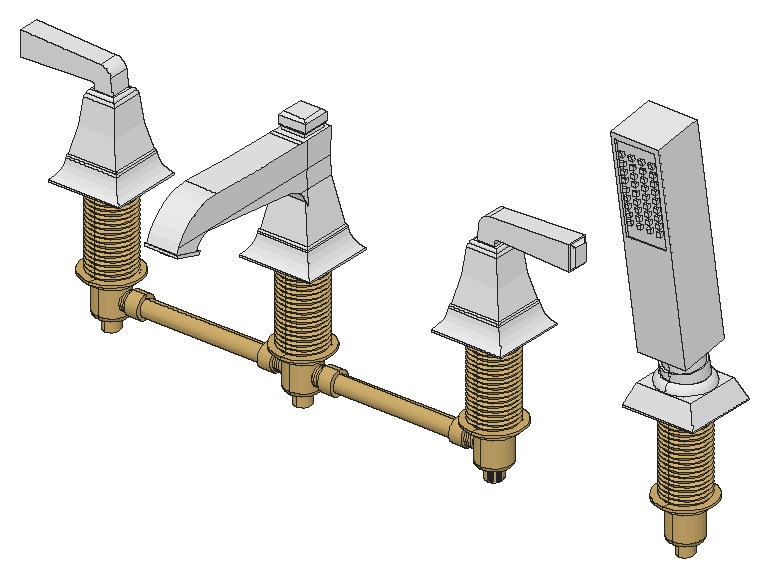
Revit family "Roman_Tub_Filler-American_Standard-Town_Square-T45590X", category Plumbing Fixtures, Revit 2014 (continued)
Automatic sketch dimensions
  plane 3 "Center (Left/Right)" to Masking region 1 sketch curve = 0.52166"
  Masking region 1 sketch curve to Masking region 1 sketch curve = 0.0408"
  Masking region 1 sketch curve to plane 3 "Center (Left/Right)" = 0.48086"
  Masking region 1 sketch curve to plane 3 "Center (Left/Right)" = 0.51451"
  Masking region 1 sketch curve to plane 7 = 0.4616"  (x2)
  plane 7 to Masking region 1 sketch curve = 0.40469"
  plane 17 to Sweep 6 sketch curve = 0"
  profile plane to Sweep 6 sketch curve = 0.50653"
  Sweep 6 sketch curve to Sweep 6 sketch curve = 0.01739"
  Sweep 6 sketch curve to Sweep 6 sketch curve = 0.04423"
  profile plane to Sweep 6 sketch curve = 0.09289"
  Sweep 6 sketch curve to profile plane = 0.07199"
  Sweep 6 sketch curve to profile plane = 9/32"
  profile plane to Sweep 6 sketch curve = 0.18095"
  Sweep 6 sketch curve to Sweep 6 sketch curve = 0.81122"
  Sweep 6 sketch curve to Sweep 6 sketch curve = 6.12461"
  profile plane to Sweep 6 sketch curve = 0.15845"
  profile plane to Sweep 6 sketch curve = 0.15647"
  Sweep 6 sketch curve to profile plane = 0.49889"
  Sweep 6 sketch curve to profile plane = 0.54693"
  Sweep 6 sketch curve to Sweep 6 sketch curve = 1.6263"
  Sweep 6 sketch curve to Sweep 6 sketch curve = 0.11495"
  Sweep 6 sketch curve to Sweep 6 sketch curve = 0.081"
  profile plane to Sweep 6 sketch curve = 2 47/256"
  Sweep 6 sketch curve to Sweep 6 sketch curve = 0"  (x2)
  Sweep 6 sketch curve to Sweep 6 sketch curve = 5/256"
  Sweep 7 sketch curve to plane 23 = 0"
  profile plane to Sweep 7 sketch curve = 0.50653"
  Sweep 7 sketch curve to Sweep 7 sketch curve = 0.01739"
  Sweep 7 sketch curve to Sweep 7 sketch curve = 0.04423"
  profile plane to Sweep 7 sketch curve = 0.09289"
  Sweep 7 sketch curve to profile plane = 0.07199"
  Sweep 7 sketch curve to profile plane = 9/32"
  profile plane to Sweep 7 sketch curve = 0.18095"
  Sweep 7 sketch curve to Sweep 7 sketch curve = 0.81122"
  Sweep 7 sketch curve to Sweep 7 sketch curve = 6.12461"
  profile plane to Sweep 7 sketch curve = 0.15845"
  profile plane to Sweep 7 sketch curve = 0.15647"
  Sweep 7 sketch curve to profile plane = 0.49889"
  Sweep 7 sketch curve to profile plane = 0.54693"
  Sweep 7 sketch curve to Sweep 7 sketch curve = 1.6263"
  Sweep 7 sketch curve to Sweep 7 sketch curve = 0.11495"
  Sweep 7 sketch curve to Sweep 7 sketch curve = 0.081"
  profile plane to Sweep 7 sketch curve = 2 47/256"
  Sweep 7 sketch curve to Sweep 7 sketch curve = 0"  (x2)
  Sweep 7 sketch curve to Sweep 7 sketch curve = 5/256"
  plane 25 to Extrusion 8 sketch curve = 0"
  plane 18 to Extrusion 8 sketch curve = 0.40123"
  Extrusion 8 sketch curve to Extrusion 8 sketch curve = 0.00668"  (x2)
  Extrusion 8 sketch curve to Extrusion 8 sketch curve = 0.12278"
  Extrusion 8 sketch curve to Extrusion 8 sketch curve = 0.00462"
  plane 18 to Extrusion 8 sketch curve = 0.11127"
  plane 18 to Extrusion 8 sketch curve = 0.09701"
  Extrusion 8 sketch curve to plane 18 = 0.22927"
  plane 9 to Extrusion 8 sketch curve = 0.24323"
  Extrusion 8 sketch curve to Extrusion 8 sketch curve = 0.08825"
  plane 9 to Extrusion 8 sketch curve = 0.34445"
  Extrusion 8 sketch curve to Extrusion 8 sketch curve = 0.20331"
  Extrusion 8 to Sweep 9 sketch curve = 0"  (x2)
  Extrusion 8 to Sweep 9 sketch curve = 0.00301"
  Extrusion 8 to Sweep 9 sketch curve = 0.00256"
  profile plane to Sweep 9 sketch curve = 0.05025"
  profile plane to Sweep 9 sketch curve = 0.11872"
  Extrusion 10 sketch curve to plane 11 = 0"
  Extrusion 10 sketch curve to plane 10 = 0"
  plane 11 to Extrusion 10 sketch curve = 0.35416"
  Extrusion 10 sketch curve to plane 6 = 0.07969"
  plane 8 to Extrusion 10 sketch curve = 0.04892"
  plane 3 "Center (Left/Right)" to Extrusion 10 sketch curve = 0.48381"
  Extrusion 10 sketch curve to plane 10 = 0.35416"
  plane 8 to Extrusion 10 sketch curve = 0.22823"
  Extrusion 10 sketch curve to plane 9 = 0.11538"  (x2)
  Masking region 2 sketch curve to Masking region 2 sketch curve = 0"
  Masking region 3 sketch curve to plane 24 = 0"
  plane 24 to Masking region 3 sketch curve = 0.00188"  (x2)
  Masking region 3 sketch curve to plane 24 = 0.09343"  (x2)
  Masking region 3 sketch curve to plane 19 = 1 3/32"
  Masking region 3 sketch curve to plane 1 "Center (Front/Back)" = 0.30687"
  Masking region 3 sketch curve to Masking region 3 sketch curve = 1/256"
  plane 1 "Center (Front/Back)" to Masking region 3 sketch curve = 0.21194"
  plane 1 "Center (Front/Back)" to Masking region 3 sketch curve = 0.3034"
  Extrusion 11 sketch curve to plane 18 = 0.30597"
  plane 18 to Extrusion 11 sketch curve = 0.30596"
  Extrusion 11 sketch curve to plane 1 "Center (Front/Back)" = 0.30596"
  plane 1 "Center (Front/Back)" to Extrusion 11 sketch curve = 0.30597"
  Extrusion 14 sketch curve to plane 13 = 0.17922"
  Extrusion 14 sketch curve to plane 9 = 0.69835"
  Extrusion 14 sketch curve to plane 9 = 0.45158"
  plane 13 to Extrusion 14 sketch curve = 0.89854"
  plane 8 to Extrusion 14 sketch curve = 4.19725"
  plane 1 "Center (Front/Back)" to Extrusion 14 sketch curve = 0.51086"
  Revolve 15 sketch curve to plane 1 "Center (Front/Back)" = 0"  (x2)
  plane 4 to Revolve 15 sketch curve = 153/256"
  Revolve 15 sketch curve to Revolve 15 sketch curve = 0.05679"
  Revolve 15 sketch curve to Revolve 15 sketch curve = 0.2453"
  plane 1 "Center (Front/Back)" to Revolve 15 sketch curve = 0.45373"
  Revolve 15 sketch curve to Revolve 15 sketch curve = 0.19976"
  Revolve 15 sketch curve to Revolve 15 sketch curve = 1/4"  (x2)
  plane 4 to Revolve 16 sketch curve = 0.70529"
  Revolve 16 sketch curve to plane 13 = 0.4327"
  Revolve 16 sketch curve to Revolve 16 sketch curve = 0.43506"
  Revolve 16 sketch curve to plane 13 = 0.49527"
  Revolve 16 sketch curve to Revolve 16 sketch curve = 0.01015"
  plane 1 "Center (Front/Back)" to Revolve 16 sketch curve = 0.13312"
  Revolve 16 sketch curve to plane 9 = 0.59261"
  Revolve 16 sketch curve to plane 1 "Center (Front/Back)" = 0.02636"
  Revolve 16 sketch curve to Revolve 16 sketch curve = 0.07194"
  plane 1 "Center (Front/Back)" to Revolve 16 sketch curve = 0.14318"
  Revolve 16 sketch curve to Revolve 16 sketch curve = 0.06521"
  plane 1 "Center (Front/Back)" to Revolve 16 sketch curve = 0.16984"
  Revolve 16 sketch curve to Revolve 16 sketch curve = 0.16119"
  Sweep 17 sketch curve to plane 32 = 0"
  profile plane to Sweep 17 sketch curve = 0.10751"
  profile plane to Sweep 17 sketch curve = 0.50653"
  Sweep 17 sketch curve to profile plane = 0.03625"
  Sweep 17 sketch curve to profile plane = 9/32"
  Sweep 17 sketch curve to profile plane = 0.49889"
  Sweep 17 sketch curve to Sweep 17 sketch curve = 0.04804"
  Extrusion 18 sketch curve to Extrusion 14 = 0.15268"
  Extrusion 18 sketch curve to Extrusion 14 = 0.14725"
  Extrusion 18 sketch curve to Extrusion 18 sketch curve = 3"
  Extrusion 18 sketch curve to Extrusion 14 = 0.10275"
  Extrusion 14 to Extrusion 19 sketch curve = 0.5096"
  Extrusion 14 to Extrusion 19 sketch curve = 2.73106"
  Extrusion 14 to Extrusion 19 sketch curve = 0.2416"  (x6)
  Extrusion 19 sketch curve to Extrusion 19 sketch curve = 0"  (x16)
  Extrusion 19 sketch curve to Extrusion 19 sketch curve = 1/8"  (x52)
  Extrusion 19 sketch curve to Extrusion 19 sketch curve = 0.14088"  (x8)
  Extrusion 19 sketch curve to Extrusion 19 sketch curve = 0.15599"  (x4)
  Extrusion 19 sketch curve to Extrusion 19 sketch curve = 0.15651"  (x4)
  Extrusion 19 sketch curve to Extrusion 19 sketch curve = 0.1238"  (x36)
  Extrusion 19 sketch curve to Extrusion 19 sketch curve = 0.1887"  (x16)
  plane 13 to Masking region 4 sketch curve = 0"
  Revolve 20 sketch curve to plane 1 "Center (Front/Back)" = 0"
  Revolve 20 sketch curve to plane 4 = 0"
  plane 1 "Center (Front/Back)" to Revolve 20 sketch curve = 1/4"
  Revolve 20 sketch curve to Revolve 20 sketch curve = 0.09507"
  Revolve 20 sketch curve to Revolve 20 sketch curve = 0.05562"
  plane 1 "Center (Front/Back)" to Revolve 20 sketch curve = 0.45316"
  Revolve 20 sketch curve to Revolve 20 sketch curve = 0.05484"  (x2)
  Revolve 20 sketch curve to plane 13 = 0.47125"  (x4)
  Revolve 20 sketch curve to level = 0.03375"
  Revolve 20 sketch curve to Revolve 20 sketch curve = 0"  (x15)
  Revolve 20 sketch curve to Revolve 20 sketch curve = 0.00281"
  Revolve 20 sketch curve to Revolve 20 sketch curve = 0.065"  (x16)
  Revolve 20 sketch curve to level = 0.22875"
  Revolve 20 sketch curve to level = 0.35875"
  Revolve 20 sketch curve to Revolve 20 sketch curve = 0.06219"
  Revolve 20 sketch curve to level = 0.61875"
  Revolve 20 sketch curve to Revolve 20 sketch curve = 13/64"
  Revolve 20 sketch curve to Revolve 20 sketch curve = 0.15975"
  Revolve 20 sketch curve to Revolve 20 sketch curve = 0.06435"
  Revolve 20 sketch curve to Revolve 20 sketch curve = 0.14694"
  Revolve 20 sketch curve to Revolve 20 sketch curve = 0.86909"
  Revolve 20 sketch curve to Revolve 20 sketch curve = 0.31646"
  Revolve 20 sketch curve to Revolve 20 sketch curve = 0.1675"
  Revolve 20 sketch curve to Revolve 20 sketch curve = 0.26"
  Revolve 21 sketch curve to plane 1 "Center (Front/Back)" = 0"  (x2)
  Revolve 21 sketch curve to plane 4 = 0"
  Revolve 21 sketch curve to level = 0.03375"
  Revolve 21 sketch curve to Revolve 21 sketch curve = 0.065"  (x8)
  Revolve 21 sketch curve to plane 13 = 13/32"  (x16)
  Revolve 21 sketch curve to plane 13 = 0.47125"  (x15)
  Revolve 21 sketch curve to Revolve 21 sketch curve = 0.06219"
  Revolve 21 sketch curve to Revolve 21 sketch curve = 0.06435"
  Revolve 21 sketch curve to Revolve 21 sketch curve = 0.14694"
  Revolve 21 sketch curve to Revolve 21 sketch curve = 0.05484"  (x2)
  Revolve 21 sketch curve to Revolve 21 sketch curve = 0.86909"
  Revolve 21 sketch curve to Revolve 21 sketch curve = 0.10732"
  Revolve 21 sketch curve to Revolve 21 sketch curve = 0.09507"
  Revolve 21 sketch curve to Revolve 21 sketch curve = 0.31646"
  plane 1 "Center (Front/Back)" to Revolve 21 sketch curve = 1/4"
  Revolve 21 sketch curve to Revolve 21 sketch curve = 0.05562"
  Revolve 21 sketch curve to Revolve 21 sketch curve = 13/64"
  Revolve 21 sketch curve to Revolve 21 sketch curve = 0.15975"
  Revolve 21 sketch curve to Revolve 21 sketch curve = 0.1675"
  Revolve 21 sketch curve to Revolve 21 sketch curve = 0.26"
  Revolve 22 sketch curve to plane 1 "Center (Front/Back)" = 0"  (x2)
  Revolve 22 sketch curve to plane 4 = 0"
  plane 1 "Center (Front/Back)" to Revolve 22 sketch curve = 1/4"
  Revolve 22 sketch curve to Revolve 22 sketch curve = 0.09507"
  Revolve 22 sketch curve to Revolve 22 sketch curve = 0.05562"
  plane 1 "Center (Front/Back)" to Revolve 22 sketch curve = 0.45316"
  Revolve 22 sketch curve to Revolve 22 sketch curve = 0.05484"  (x2)
  Revolve 22 sketch curve to plane 13 = 0.47125"  (x4)
  Revolve 22 sketch curve to level = 0.03375"
  Revolve 22 sketch curve to Revolve 22 sketch curve = 0"  (x15)
  Revolve 22 sketch curve to Revolve 22 sketch curve = 0.00281"
  Revolve 22 sketch curve to Revolve 22 sketch curve = 0.065"  (x16)
  Revolve 22 sketch curve to level = 0.22875"
  Revolve 22 sketch curve to level = 0.35875"
  Revolve 22 sketch curve to Revolve 22 sketch curve = 0.06219"
  Revolve 22 sketch curve to level = 0.61875"
  Revolve 22 sketch curve to Revolve 22 sketch curve = 13/64"
  Revolve 22 sketch curve to Revolve 22 sketch curve = 0.15975"
  Revolve 22 sketch curve to Revolve 22 sketch curve = 0.06435"
  Revolve 22 sketch curve to Revolve 22 sketch curve = 0.14694"
  Revolve 22 sketch curve to Revolve 22 sketch curve = 0.86909"
  Revolve 22 sketch curve to Revolve 22 sketch curve = 0.31646"
  plane 4 to Revolve 22 sketch curve = 0.1675"
  Revolve 22 sketch curve to Revolve 22 sketch curve = 0.26"
  Revolve 23 sketch curve to plane 1 "Center (Front/Back)" = 0"  (x2)
  Revolve 23 sketch curve to plane 4 = 0"
  plane 1 "Center (Front/Back)" to Revolve 23 sketch curve = 1/4"
  Revolve 23 sketch curve to Revolve 23 sketch curve = 0.09507"
  Revolve 23 sketch curve to Revolve 23 sketch curve = 0.05562"
  plane 1 "Center (Front/Back)" to Revolve 23 sketch curve = 0.45316"
  Revolve 23 sketch curve to Revolve 23 sketch curve = 0.05484"  (x2)
  Revolve 23 sketch curve to plane 13 = 0.47125"  (x4)
  Revolve 23 sketch curve to level = 0.03375"
  Revolve 23 sketch curve to Revolve 23 sketch curve = 0"  (x15)
  Revolve 23 sketch curve to Revolve 23 sketch curve = 0.00281"
  Revolve 23 sketch curve to Revolve 23 sketch curve = 0.065"  (x16)
  Revolve 23 sketch curve to level = 0.22875"
  Revolve 23 sketch curve to level = 0.35875"
  Revolve 23 sketch curve to Revolve 23 sketch curve = 0.06219"
  Revolve 23 sketch curve to level = 0.61875"
  Revolve 23 sketch curve to Revolve 23 sketch curve = 13/64"
  Revolve 23 sketch curve to Revolve 23 sketch curve = 0.15975"
  Revolve 23 sketch curve to Revolve 23 sketch curve = 0.06435"
  Revolve 23 sketch curve to Revolve 23 sketch curve = 0.14694"
  Revolve 23 sketch curve to Revolve 23 sketch curve = 0.86909"
  Revolve 23 sketch curve to Revolve 23 sketch curve = 0.31646"
  plane 4 to Revolve 23 sketch curve = 0.1675"
  Revolve 23 sketch curve to Revolve 23 sketch curve = 0.26"
  plane 13 to Masking region 5 sketch curve = 0"
  Masking region 5 sketch curve to Masking region 5 sketch curve = 0.03816"
  plane 3 "Center (Left/Right)" to Masking region 5 sketch curve = 0.48085"
  Masking region 5 sketch curve to plane 3 "Center (Left/Right)" = 0.48085"
  Masking region 5 sketch curve to Masking region 5 sketch curve = 0.03101"
  Masking region 5 sketch curve to plane 7 = 0.48504"
  plane 10 to Masking region 5 sketch curve = 2.8515"
  Masking region 5 sketch curve to plane 11 = 2.85086"
  Masking region 5 sketch curve to plane 1 "Center (Front/Back)" = 0.12114"  (x2)
  Revolve 24 sketch curve to plane 40 = 0.03233"
  Revolve 24 sketch curve to Revolve 24 sketch curve = 0.03233"  (x23)
  Revolve 24 sketch curve to Revolve 24 sketch curve = 0.06467"
  plane 41 to Revolve 24 sketch curve = 0.03233"
  plane 36 to Revolve 24 sketch curve = 0.03233"
  Revolve 24 sketch curve to plane 37 = 0.03233"
  Revolve 24 sketch curve to plane 42 = 0.03233"
  plane 34 to Revolve 24 sketch curve = 0.03233"
  Revolve 24 sketch curve to level = 3.55903"  (x3)
  Revolve 24 sketch curve to Revolve 24 sketch curve = 0"  (x8)
  Revolve 24 sketch curve to Revolve 24 sketch curve = 0.06581"  (x3)
  Revolve 24 sketch curve to Revolve 24 sketch curve = 0.09815"  (x2)
  Revolve 24 sketch curve to Revolve 24 sketch curve = 1/4"
  plane 18 to Revolve 24 sketch curve = 0.13745"
  Revolve 24 sketch curve to Revolve 24 sketch curve = 1/2"
  Extrusion 25 sketch curve to Extrusion 25 sketch curve = 0.12278"
  Extrusion 25 sketch curve to Extrusion 25 sketch curve = 0.00668"  (x2)
  plane 24 to Extrusion 25 sketch curve = 0.00014"
  Extrusion 25 sketch curve to Extrusion 25 sketch curve = 0.00462"
  plane 19 to Extrusion 25 sketch curve = 0.11127"
  plane 19 to Extrusion 25 sketch curve = 0.09701"
  Extrusion 25 sketch curve to plane 19 = 0.22927"
  Extrusion 25 sketch curve to plane 9 = 0.24323"
  Extrusion 25 sketch curve to Extrusion 25 sketch curve = 0.08825"
  Extrusion 25 sketch curve to plane 9 = 0.34445"
  Extrusion 25 sketch curve to Extrusion 25 sketch curve = 0.20331"
  profile plane to Sweep 26 sketch curve = 0.04534"
  Sweep 26 sketch curve to profile plane = 0.11257"
  Extrusion 25 to Sweep 26 sketch curve = 0"  (x2)
  Extrusion 25 to Sweep 26 sketch curve = 0.00256"
  Extrusion 25 to Sweep 26 sketch curve = 0.00301"
  curve 14 to plane 13 = 0.35416"
  radius of Extrusion 1 sketch curve = 1/4"  (x2)
Connectors
  piping at (-152.4, 0.002, -105.537), diameter 12.7, driven by "Hot Water Connection Diameter", driven by "HWFU"
    settings: on Extrusion 1, index 1, connector inside diameter 24", connector length 0", flow factor 0, pipe flow 0 GPM, pressure drop 0.00 psi, fitting loss kfactor 0, connector angle 0.00°, fixture units 3, engagement length 0", angle of deflection 0.00°, flow configuration 3, flow direction 1, fitting loss method 0, system type 19, joint type 0, gender type 0, connector reference index -1, connector utility 0, adjustable connector no, is connector primary yes, connector description "1/2\" HW Supply Connection Inlet"
  piping at (152.4, 0.002, -105.537), diameter 12.7, driven by "Cold Water Connection Diameter", driven by "CWFU"
    settings: on Extrusion 1, index 2, connector inside diameter 24", connector length 0", flow factor 0, pipe flow 0 GPM, pressure drop 0.00 psi, fitting loss kfactor 0, connector angle 0.00°, fixture units 3, engagement length 0", angle of deflection 0.00°, flow configuration 3, flow direction 1, fitting loss method 0, system type 20, joint type 0, gender type 0, connector reference index -1, connector utility 0, adjustable connector no, is connector primary no, connector description "1/2\" CW Supply Connection Inlet"
  piping at (304.8, 0.002, -105.537), diameter 12.7, driven by "Shower Connection Size", driven by "Shower Connection Description"
    settings: on Revolve 21, index 3, connector inside diameter 24", connector length 0", flow factor 0, pipe flow 0 GPM, pressure drop 0.00 psi, fitting loss kfactor 0, connector angle 0.00°, fixture units 0, engagement length 0", angle of deflection 0.00°, flow configuration 0, flow direction 1, fitting loss method 0, system type 29, joint type 0, gender type 0, connector reference index -1, connector utility 0, adjustable connector no, is connector primary no, connector description "1/2'' Global Inlet Connection"
Types (3): name | Shower Connection Size | Shower Connection Description | Shower | R910 Universal Roman Tub Filler Rough Body – WITH Personal Shower | R900 Universal Roman Tub Filler Rough Body – Less Personal Shower | Product Page URL | Model | Description
  (no name) | 1/2" | "1/2'' Global Inlet Connection" | yes | yes | no | "https://www.americanstandard-us.com/bathroom/tub-fillers/town-square-s-roman-tub-faucet-with-personal-shower-33657" | "T455901" | "T455901 Roman Tub Filler Trim WITH Personal Shower, R910 Universal Roman Tub Filler Rough Body – WITH Personal Shower"
  T455900 | 0" | "" | no | no | yes | "https://www.americanstandard-us.com/bathroom/tub-fillers/town-square-s-roman-tub-faucet-33652" | "T455900" | "T455900 Roman Tub Filler Trim Less Personal Shower, R900 Universal Roman Tub Filler Rough Body – Less Personal Shower"
  T455901 | 1/2" | "1/2'' Global Inlet Connection" | yes | yes | no | "https://www.americanstandard-us.com/bathroom/tub-fillers/town-square-s-roman-tub-faucet-with-personal-shower-33657" | "T455901" | "T455901 Roman Tub Filler Trim WITH Personal Shower, R910 Universal Roman Tub Filler Rough Body – WITH Personal Shower"
